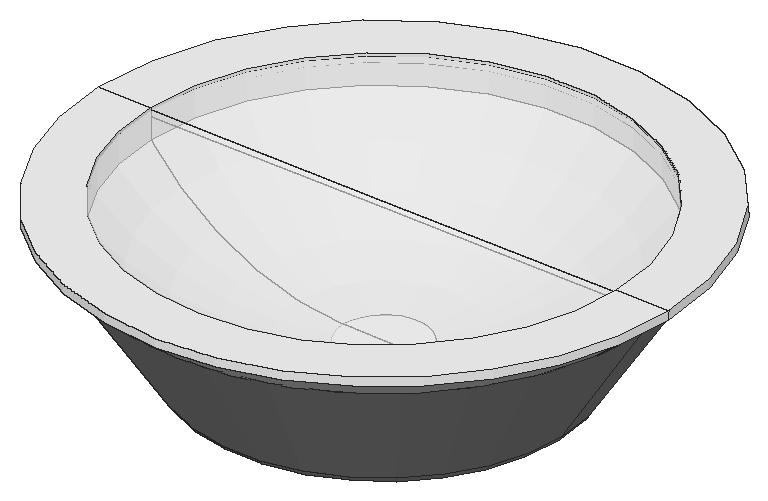
Revit family "0030452", category Lighting Fixtures, host Face, Revit 2017
Family settings
  Host = Face
  Round Connector Dimension = Use Diameter
  Part Type = Normal
  OmniClass Number = 23.80.70.00
  OmniClass Title = Lighting
  Cut with Voids When Loaded = No
  Light Source = Yes
  Shared = No
  Room Calculation Point = No
Parameters (values of type "0030452 INSAVER SLIM IP44M U19 205 620-1900LM830_15W")
  WidthBezel_SYL = if(Size1_SYL, 20 mm, if(Size2_SYL, 20 mm, if(Size3PIR_SYL, 30 mm, if(Size4_SYL, 20 mm, 20 mm))))  # 20 mm
  Weight = "8.76 kg"
  Wattage Comments = ""
  Wattage = 16.5 W
  WarrantyStartDate [instance] = "n/a"
  WarrantyGuarantorParts = "n/a"
  WarrantyDurationUnit = "n/a"
  WarrantyDurationParts = "n/a"
  WarrantyDescription = "n/a"
  built-in parameter 1150110 = 1 (stored number, unit not read)
  Voltage = 0 V
  VisibilityPIR_SYL = Size3PIR_SYL  # no
  URL = "http://www.sylvania-lighting.com"
  TypeName = "Insaver Slim IP44 Multipower U19 205 620-1900lm830"
  Type Image = <None>
  Type Comments = "n/a"
  built-in parameter 1114217 = 1 (stored number, unit not read)
  Tilt Angle = -90.00°
  built-in parameter 1150109 = 1 (stored number, unit not read)
  built-in parameter 1150134 = (empty or 0)
  built-in parameter 1150113 = 1 (stored number, unit not read)
  Size4_SYL = yes
  Size3PIR_SYL = no
  Size2_SYL = no
  Size1_SYL = no
  SerialNumber [instance] = "n/a"
  RadiusTop_SYL = 6 mm
  RadiusReflector_SYL = if(Size1_SYL, 85 mm, if(Size2_SYL, 85 mm, if(Size3PIR_SYL, 85 mm, if(Size4_SYL, 100 mm, 120 mm))))  # 100 mm
  Photometric Web File = "0030452_15W.ies"
  Material_3_FEILO = Top-Sylvania-STARTDownlight
  PowerFactor = 0.9
  PowerConsumption = "16.5 W"
  NominalLength = 220 mm
  NominalHeight = 60 mm
  NominalDepth = 220 mm
  Name = "Insaver Slim IP44 Multipower U19 205 620-1900lm830"
  ModelReference = Name  # "Insaver Slim IP44 Multipower U19 205 620-1900lm830"
  ModelNumber = "0030452"
  Model = Name  # "Insaver Slim IP44 Multipower U19 205 620-1900lm830"
  Material = "aluminium housing"
  ManufacturerName = "Feilo Sylvania"
  Manufacturer = "Feilo Sylvania"
  LuminousEfficacy = "115 lm/W"
  built-in parameter 1150105 = 2192.1 (stored number, unit not read)
  Lumens = 1897.5 lm
  LuminaireType = ""
  built-in parameter 1150115 = 1 (stored number, unit not read)
  LightOutputRatio = "n/a"
  built-in parameter 1150137 = (empty or 0)
  built-in parameter 1150139 = (empty or 0)
  LampsType = Lamp  # "LED"
  LampNominalLuminous = "1900 lm"
  LampMacAdamStep = "3"
  LampColourTemperature = "3000 K"
  LampColourRenderingIndex = "80"
  built-in parameter 1150112 = 1 (stored number, unit not read)
  built-in parameter 1150114 = 1 (stored number, unit not read)
  Lamp = "LED"
  Keynote = "16500"
  InstallationDate [instance] = "n/a"
  InputVoltage = "n/a"
  InputNominalFrequency = "n/a"
  built-in parameter 1150132 = (empty or 0)
  built-in parameter 1150102 = (empty or 0)
  built-in parameter 1150107 = 3000 (stored number, unit not read)
  built-in parameter 1150138 = (empty or 0)
  IngressProtection = "IP44/20"
  ImpactProtectionIndex = "IK07"
  built-in parameter 1150106 = 21.921 (stored number, unit not read)
  IfcExportType = "IfcLightFixtureType"
  IfcExportAs = "IfcLightFixtureType"
  Height_SYL = if(Size1_SYL, 61 mm, if(Size2_SYL, 61 mm, if(Size3PIR_SYL, 61 mm, if(Size4_SYL, 61 mm, 60 mm))))  # 61 mm
  HeightBezel_SYL = if(Size1_SYL, 3 mm, if(Size2_SYL, 3 mm, if(Size3PIR_SYL, 3 mm, if(Size4_SYL, 3.2 mm, 3 mm))))  # 3.2 mm
  ExpectedLife = 50000
  Emit from Circle Diameter = Diameter_SYL - 40 mm  # 180 mm
  Emit Shape Visible in Rendering = no
  ElectricShockClassification = "Class II"
  built-in parameter 1150104 = 10.684 (stored number, unit not read)
  DurationUnit = "hours"
  DocumentationLiterature = "http://www.sylvania-lighting.com/product/en-int/products/0030452"
  DimmingControlOptions = "n/a"
  Material_2_FEILO = Diffuser-Sylvania-STARTDownlight
  Dimming Lamp Color Temperature Shift = <None>
  Diameter_SYL = if(Size1_SYL, 165 mm, if(Size2_SYL, 190 mm, if(Size3PIR_SYL, 211 mm, if(Size4_SYL, 220 mm, 240 mm))))  # 220 mm
  DiameterTop_SYL = if(Size1_SYL, 98 mm, if(Size2_SYL, 122 mm, if(Size3PIR_SYL, 120 mm, if(Size4_SYL, 135 mm, 158 mm))))  # 135 mm
  DiameterTopBase_SYL = DiameterRecess_SYL  # 200 mm
  DiameterRecess_SYL = if(Size1_SYL, 150 mm, if(Size2_SYL, 170 mm, if(Size3PIR_SYL, 186 mm, if(Size4_SYL, 200 mm, 225 mm))))  # 200 mm
  Description = ""
  Default Elevation = 1219.2 mm
  CreatedOn = "4/12/2021"
  CreatedBy = "@sylvania-lighting.com"
  Cost = 0
  Color Filter = 16777215
  built-in parameter 1114216 [instance] = (empty or 0)
  ClassificationValue = "EF_70_80"
  ClassificationName = "Uniclass2015"
  Material_1_FEILO = Trim-Sylvania-STARTDownlight-White
  BarCode [instance] = "n/a"
  built-in parameter 1114218 = 1 (stored number, unit not read)
  built-in parameter 1150133 = 10 (stored number, unit not read)
  AssetType = "Fixed"
  AssetIdentifier [instance] = "n/a"
  Assembly Code = "D5020200"
  Apparent Load = 16.5 VA
  Material_4_FEILO = LED-Sylvania-STARTDownlight
Types (8, lengths in mm): name | Photometric Web File
  0030452 INSAVER SLIM IP44M U19 205 620-1900LM830_16W | "0030452_16W.ies"
  0030452 INSAVER SLIM IP44M U19 205 620-1900LM830_5W | "0030452_5W.ies"
  0030452 INSAVER SLIM IP44M U19 205 620-1900LM830_6W | "0030452_6W.ies"
  0030452 INSAVER SLIM IP44M U19 205 620-1900LM830_8W | "0030452_8W.ies"
  0030452 INSAVER SLIM IP44M U19 205 620-1900LM830_10W | "0030452_10W.ies"
  0030452 INSAVER SLIM IP44M U19 205 620-1900LM830_11W | "0030452_11W.ies"
  0030452 INSAVER SLIM IP44M U19 205 620-1900LM830_13W | "0030452_13W.ies"
  0030452 INSAVER SLIM IP44M U19 205 620-1900LM830_15W | "0030452_15W.ies"
Reference planes
  plane 1 "Center (Front/Back)": y = 0
  plane 2: z = 0
  plane 3 "Center (Left/Right)": x = 0
  plane 4: x = 110
  plane 5: x = -110
  plane 6: z = 3.2
  plane 7: z = -8
  plane 8: z = -57.8
  plane 9: x = -100
  plane 10: x = 100
  plane 11: x = -67.5
  plane 12: x = 67.5
  plane 13: z = -85
  plane 14: x = -90
  plane 15: z = 2.2
  plane 16: z = -45.8
  plane 17: x = -16
  plane 18: x = -95
  plane 19: x = -81.5
  plane 20: x = -99.5
  plane 21: x = -104
  plane 22: z = 5.7
  plane 23: z = 8.9
  plane 24: x = -103
  plane 25: z = 13.9
Forms (mm)
  Revolve 1, void
    sketch origin (0, 0, 0) x (1, 0, 0) y (0, 0, 1)
      loop
        line (0, 0) -> (-100, 0) -> (-100, -85) -> (0, -85) -> (0, 0)
      axis (0, 0) -> (0, -85)
    angle from 360 to 0
  Revolve 2, solid, material "Trim-Sylvania-STARTDownlight-White" <- "Material_1_FEILO"
    sketch origin (0, 0, 0) x (1, 0, 0) y (0, 0, 1)
      loop
        line (-90, 3.2) -> (-110, 3.2) -> (-110, 0) -> (-100, 0) -> (-100, -8) -> (-69.181, -54.568)
        arc (-69.181, -54.568) -> (-66.971, -56.929) -> (-63.857, -57.8) r 6
        line (-63.857, -57.8) -> (0, -57.8) -> (0, -45.8) -> (-16, -45.8)
        arc (-16, -45.8) -> (-57.112, -34.95) -> (-90, -8) r 100
        line (-90, -8) -> (-90, 3.2)
      axis (0, 3.2) -> (0, -57.8)
    angle from 360 to 0
  Revolve 3, solid, material "Diffuser-Sylvania-STARTDownlight" <- "Material_2_FEILO"
    sketch origin (0, 0, 0) x (1, 0, 0) y (0, 0, 1)
      loop
        line (-90, 0) -> (0, 0) -> (0, 2.2) -> (-90, 2.2) -> (-90, 0)
      axis (0, 2.2) -> (0, 0)
    angle from 360 to 0
  Revolve 4, solid, material "Trim-Sylvania-STARTDownlight-White" <- "Material_1_FEILO", visible <- "VisibilityPIR_SYL"
    sketch origin (0, 0, 0) x (1, 0, 0) y (0, 0, 1)
      loop
        line (-95, 3.2) -> (-95, 13.9)
        arc (-95, 13.9) -> (-99.717, 12.547) -> (-103, 8.9) r 8.9
        line (-103, 8.9) -> (-103, 5.7) -> (-104, 5.7) -> (-104, 3.2) -> (-95, 3.2)
      axis (-95, 13.9) -> (-95, 3.2)
    angle from 360 to 0
Dimensions and locks
  equal spacing: plane 4, plane 3 "Center (Left/Right)", plane 5
  "Diameter_SYL": plane 4 to plane 5
  equal spacing: plane 10, plane 3 "Center (Left/Right)", plane 9
  equal spacing: plane 12, plane 3 "Center (Left/Right)", plane 11
  "DiameterTop_SYL": plane 12 to plane 11
  "HeightBezel_SYL": plane 6 to plane 2
  "Height_SYL": plane 6 to plane 8
  locked: plane 2 to plane 7 at 8
  locked: plane 2 to plane 13 at 85
  "WidthBezel_SYL": plane 14 to plane 5
  locked: plane 6 to plane 15 at 1
  "DiameterRecess_SYL": plane 10 to plane 9
  locked: plane 3 "Center (Left/Right)" to plane 17 at 16
  locked: plane 16 to plane 8 at 12
  locked: plane 18 to plane 21 at 9
  locked: plane 22 to plane 6 at 2.5
  locked: plane 23 to plane 22 at 3.2
  locked: plane 18 to plane 24 at 8
  locked: plane 25 to plane 23 at 5
  locked: plane 25 to Revolve 4 sketch curve at 8.9
  locked: plane 18 to plane 5 at 15
  "RadiusReflector_SYL": radius of Revolve 2 sketch curve
  "RadiusTop_SYL": radius of Revolve 2 sketch curve
  aligned and locked: plane 2 to host face
  aligned and locked: level to host face
  aligned and locked: Revolve 1 sketch curve to plane 3 "Center (Left/Right)"
  aligned and locked: plane 3 "Center (Left/Right)" to Revolve 1 sketch curve
  aligned and locked: Revolve 1 sketch curve to plane 9
  aligned and locked: plane 13 to Revolve 1 sketch curve
  aligned and locked: plane 3 "Center (Left/Right)" to imposter light
  aligned and locked: imposter light to plane 15
  aligned and locked: imposter light to plane 1 "Center (Front/Back)"
  aligned and locked: Revolve 2 sketch curve to plane 3 "Center (Left/Right)"
  aligned and locked: Revolve 2 sketch curve to plane 6
  aligned and locked: Revolve 2 sketch curve to plane 5
  aligned and locked: Revolve 2 sketch curve to level
  aligned and locked: plane 7 to Revolve 2 sketch curve  (x2)
  aligned and locked: Revolve 2 sketch curve to plane 9
  aligned and locked: plane 8 to Revolve 2 sketch curve
  aligned and locked: Revolve 2 sketch curve to plane 14
  aligned and locked: plane 3 "Center (Left/Right)" to Revolve 2 sketch curve
  aligned and locked: Revolve 2 sketch curve to plane 16
  aligned and locked: Revolve 3 sketch curve to plane 3 "Center (Left/Right)"
  aligned and locked: Revolve 3 sketch curve to level
  aligned and locked: imposter light to Revolve 3 sketch curve  (x2)
  aligned and locked: Revolve 4 sketch curve to plane 18  (x2)
  aligned and locked: Revolve 4 sketch curve to plane 6
  aligned and locked: plane 22 to Revolve 4 sketch curve
  aligned and locked: plane 24 to Revolve 4 sketch curve
  aligned and locked: Revolve 4 sketch curve to Revolve 4 sketch curve
  aligned and locked: plane 21 to Revolve 4 sketch curve
Automatic sketch dimensions
  host sketch curve to host sketch curve = 2438.4 mm  (x2)
  plane 13 to Revolve 1 sketch curve = 524.6 mm
  Revolve 1 sketch curve to plane 6 = 2606.058 mm
  Revolve 1 sketch curve to level = 0 mm
  Revolve 2 sketch curve to plane 17 = 0 mm
  Revolve 2 sketch curve to plane 11 = 1.681 mm
  plane 11 to Revolve 2 sketch curve = 3.643 mm
  plane 13 to Revolve 2 sketch curve = 524.6 mm
  Revolve 2 sketch curve to Revolve 2 sketch curve = 2577.983 mm
  Revolve 3 sketch curve to plane 14 = 0 mm
  plane 13 to Revolve 3 sketch curve = 524.6 mm
  Revolve 3 sketch curve to plane 6 = 2606.058 mm
  Revolve 4 sketch curve to plane 23 = 0 mm
  plane 13 to Revolve 4 sketch curve = 524.6 mm
  Revolve 4 sketch curve to Revolve 4 sketch curve = 2595.358 mm
Connectors
  electrical at (0, 0, 0), driven by "Apparent Load", driven by "PowerFactor", driven by "Voltage"
    settings: index 1, voltage 0 V, apparent load 16.5 VA, apparent load phase1 0 VA, apparent load phase2 0 VA, apparent load phase3 0 VA, power factor 0.9, load classification "Lighting", number of poles 1, system type 30, power factor state 1, is connector primary yes, connector utility no, sub classification motor no, connector description ""
